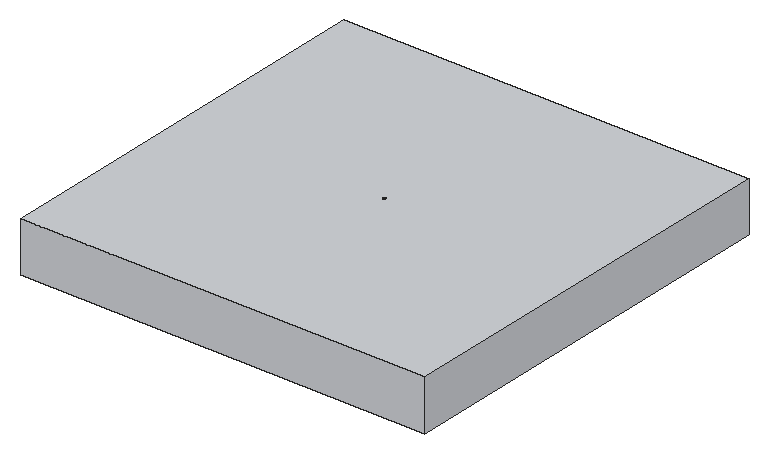
Revit family "Hohldeckenanker Easy", category HLS-Bauteile, Revit 2023
Family settings
  Basisbauteil = Fläche
  Bemaßung runder Anschluss = Durchmesser verwenden
  Teiletyp = Normal
  Beim Laden mit Abzugskörper schneiden = Nein
  Beschriftungsausrichtung beibehalten = Nein
  Gemeinsam genutzt = Ja
  Raumberechnungspunkt = Nein
Parameters
  vpe = "50"
  min. Einschraubtiefe = ""
  max. Einschraubtiefe = ""
  d1 = 6.7 mm
  Default Elevation = 1219.2 mm
  T = 55 mm
  Setztiefe = "47 mm"
  Regelhalter [instance] = ""
  Mengeneinheit = "St"
  Materialname = ""
  Material = "Stahl"
  Länge Gewinde = 0 mm
  Länge = 35 mm
  Kurztext2 = "M8"
  Kurztext1 = "Hohldeckenanker Easy"
  Hülsenlänge = "35 mm"
  Gewinde = "M8"
  Gewicht pro Bauteil = 0.0153 kg
  Gewicht = 0.0144 kg
  Firma = "MEFA Befestigungs- und Montagesysteme GmbH"
  Fabrikat = "MKT"
  EAN = "4043315047861"
  D = 4.8 mm
  Bohrlochtiefe = "55 mm"
  Bohrerdurchmesser = "12 mm"
  Artikelnummer = "221851100101"
Types (3, lengths in mm): name | d1 | T | Setztiefe | Länge | Kurztext2 | Hülsenlänge | Gewinde | Gewicht pro Bauteil | Gewicht | EAN | D | Bohrlochtiefe | Artikelnummer
  (no name) | 6.7 | 55 | "47 mm" | 35 | "M8" | "35 mm" | "M8" | 0.0153 kg | 0.0144 kg | "4043315047861" | 4.8 | "55 mm" | "221851100101"
  Easy M8 | 6.7 | 55 | "47 mm" | 35 | "M8" | "35 mm" | "M8" | 0.0153 kg | 0.0144 kg | "4043315047861" | 4.8 | "55 mm" | "221851100101"
  Easy M10 | 8.5 | 60 | "55 mm" | 40 | "M10" | "40 mm" | "M10" | 0.022 kg | 0.0332 kg | "4043315047878" | 6.5 | "60 mm" | "221851200101"
Reference planes
  plane 1 "Mitte (Vorne/hinten)": y = 0
  plane 2: z = 0
  plane 3 "Mitte (Links/rechts)": x = 0
Forms (mm)
  Extrusion 1, solid
    sketch origin (0, 0, 0) x (1, 0, 0) y (0, 1, 0)
      loop
        line (-1219.2, 1219.2) -> (-1219.2, -1219.2) -> (1219.2, -1219.2) -> (1219.2, 1219.2) -> (-1219.2, 1219.2)
    from 0 to -304.8
  Extrusion 2, solid
    sketch origin (0, 0, 0) x (1, 0, 0) y (0, 1, 0)
      loop
        circle (0, 0) r 6.7
    from 0 to -55
  Extrusion 3, void
    sketch origin (0, 0, 0) x (1, 0, 0) y (0, 1, 0)
      loop
        circle (0, 0) r 4.8
    from 0 to -35
Cuts and joins
  Extrusion 3 cuts Extrusion 2
Lines and regions (mm)
  model lines
    curve 1: line (0, 0, 10) -> (0, 0, -75)
    curve 2: line (0, -15, 0) -> (0, 15, 0)
    curve 3: line (-15, 0, 0) -> (15, 0, 0)
Dimensions and locks
  "T": Extrusion 1 to Extrusion 2
  "Länge": Extrusion 1 to cut or joined group of Extrusion 2, Extrusion 3
  "d1": radius of Extrusion 2 sketch curve
  "D": radius of Extrusion 3 sketch curve
  aligned and locked: plane 2 to Extrusion 1
  aligned and locked: level to Extrusion 1
  aligned and locked: plane 1 "Mitte (Vorne/hinten)" to curve 1
  aligned and locked: curve 2 to level
  aligned and locked: curve 3 to level
Automatic sketch dimensions
  Extrusion 1 sketch curve to Extrusion 1 sketch curve = 2438.4 mm  (x2)
  plane 1 "Mitte (Vorne/hinten)" to curve 2 = 15 mm
  curve 2 to plane 1 "Mitte (Vorne/hinten)" = 15 mm
  curve 1 to level = 75 mm
  level to curve 1 = 10 mm
  curve 3 to plane 3 "Mitte (Links/rechts)" = 15 mm
  plane 3 "Mitte (Links/rechts)" to curve 3 = 15 mm
  plane 1 "Mitte (Vorne/hinten)" to Extrusion 2 sketch curve = 0 mm
  Extrusion 2 sketch curve to plane 3 "Mitte (Links/rechts)" = 0 mm
  plane 1 "Mitte (Vorne/hinten)" to Extrusion 3 sketch curve = 0 mm
  Extrusion 3 sketch curve to plane 3 "Mitte (Links/rechts)" = 0 mm
